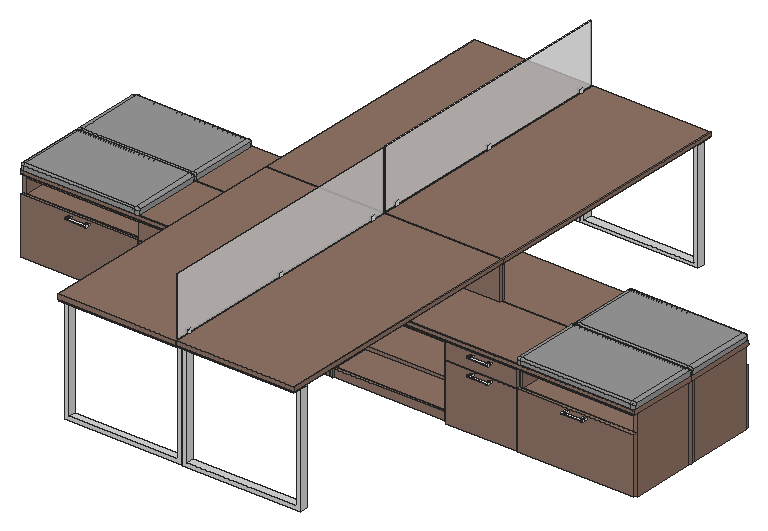
Revit family "JSI-Vision-Typical_Veneer-VST108-", category Furniture, Revit 2020 (continued)
Definition of nested family "JSI-Vision-Metal_Rectangular_Base"
  Forms (in)
    Revolve 3, solid, material <- "Glide Finish"
      sketch origin (0, 0, 0) x (0, 1, 0) y (0, 0, 1)
        axis (-2, 0.75) -> (-2, 0)
      angle from 0 to 360
    Revolve 4, solid, material <- "Glide Finish"
      sketch origin (0, 0, 0) x (0, 1, 0) y (0, 0, 1)
        loop
          line (-27.8125, 0.75) -> (-27.8125, 0) -> (-27.57395, 0)
          arc (-27.57395, 0) -> (-27.531, 0.01649) -> (-27.51011, 0.05748) r 0.06418
          line (-27.51011, 0.05748) -> (-27.48988, 0.25) -> (-27.71452, 0.25) -> (-27.71452, 0.75) -> (-27.8125, 0.75)
        axis (-27.8125, 0.75) -> (-27.8125, 0)
      angle from 0 to 360
  Lines and regions (in)
    symbolic lines
      curve 1: line (-3, 0, 0) -> (-3, -29.8125, 0)
      curve 2: line (-3, -29.8125, 0) -> (1, -29.8125, 0)
      curve 3: line (1, -29.8125, 0) -> (1, 0, 0)
      curve 4: line (1, 0, 0) -> (-3, 0, 0)
      curve 5: line (-1, 0, 0) -> (-1, -29.8125, 0)
  Dimensions and locks (in)
    equal spacing: plane 7, plane 3 "Center Left/Right", plane 9, locked at 1 each
    "Width": plane 1 "Center Front/Back" to plane 8
    "Height": plane 5 to plane 4
    locked: plane 10 to plane 5 at 0.25
    locked: Sweep 1 sketch curve to plane 4 at 0.25
    locked: plane 8 to Sweep 1 sketch curve at 1
    locked: plane 1 "Center Front/Back" to plane 11 at 2
    locked: plane 12 to plane 8 at 2
    Revolve 3 sketch curve to Revolve 3 sketch curve to Revolve 3 sketch curve to plane 4 = 1/2" locked, 0.18582" locked, 0.06418" locked
    plane 11 to Revolve 3 sketch curve to Revolve 3 sketch curve to Revolve 3 sketch curve = 0.09798" locked, 0.14057" locked, 0.08407" locked
    Revolve 4 sketch curve to Revolve 4 sketch curve to Revolve 4 sketch curve = 1/2" locked, 0.18582" locked
    Revolve 4 sketch curve to Revolve 4 sketch curve to Revolve 4 sketch curve to Revolve 4 sketch curve = 0.09798" locked, 0.14057" locked, 0.08407" locked
    "Depth": plane 7 to plane 9
    locked: plane 6 to plane 7 at 2
    aligned and locked: level to plane 2
    aligned and locked: plane 10 to Sweep 1 sketch curve  (x2)
    aligned and locked: plane 9 to Sweep 1 sketch curve
    aligned and locked: plane 8 to Sweep 1 sketch curve
    aligned and locked: Extrusion 2 sketch curve to plane 1 "Center Front/Back"
    aligned and locked: Extrusion 2 sketch curve to plane 8
    aligned and locked: Extrusion 2 sketch curve to plane 9
    aligned and locked: Revolve 3 sketch curve to plane 11
    aligned and locked: plane 11 to Revolve 3 sketch curve
    aligned and locked: plane 12 to Revolve 4 sketch curve  (x2)
    aligned and locked: plane 3 "Center Left/Right" to Revolve 3
    aligned and locked: plane 3 "Center Left/Right" to Revolve 4
    aligned and locked: Sweep 1 sketch curve to plane 7
    aligned and locked: plane 6 to Extrusion 2
    aligned and locked: Extrusion 2 to plane 9
    aligned and locked: curve 1 to Extrusion 2
    aligned and locked: curve 2 to Extrusion 2
    aligned and locked: curve 3 to Extrusion 2
    aligned and locked: curve 4 to Extrusion 2
    aligned and locked: curve 5 to Sweep 1
  Automatic sketch dimensions
    Sweep 1 sketch curve to plane 8 = 0"
    Sweep 1 sketch curve to plane 1 "Center Front/Back" = 0"
    Extrusion 2 sketch curve to plane 8 = 0"
    Revolve 3 sketch curve to level = 0"
    level to Revolve 3 sketch curve = 0.05748"
    Revolve 3 sketch curve to level = 0.22225"
    Revolve 3 sketch curve to Revolve 3 sketch curve = 0.09538"
    Revolve 4 sketch curve to level = 0"
    level to Revolve 4 sketch curve = 0.05748"
    Revolve 4 sketch curve to Revolve 4 sketch curve = 0.06383"
    Revolve 4 sketch curve to level = 0.22225"
    Revolve 4 sketch curve to Revolve 4 sketch curve = 0.09538"
    plane 7 to Extrusion 2 sketch curve = 2"
Definition of nested family "JSI-Vision-Support_Rail_Work_Surface"
  Parameters (values of type "GP0243SB, Metal Support Rail for Work Surface  2W 43 L 3/4H")
    Width = 43"
    URL = "www.jsifurniture.com"
    Type Comments = ""
    Series = "Vision Casegoods"  # constant formula
    Support Finish = none
    Model = "GP0243SB"
    Material = ""
    Manufacturer = "JSI"  # constant formula
    Keynote = "12500"  # constant formula
    JSI Enviromental Website = "http://www.jsifurniture.com/jsi_sustainability_intro.php"
    Height = 25/32"
    Description = "Metal Support Rail for Work Surface  2W 43 L 3/4H"
    Depth = 2"
    Default Elevation = 0"
    Assembly Code = "E2020200"
  Types (3): name | Width | Model | Description
    GP0243SB, Metal Support Rail for Work Surface  2W 43 L 3/4H | 43" | "GP0243SB" | "Metal Support Rail for Work Surface  2W 43 L 3/4H"
    GP0249SB, Metal Support Rail for Work Surface  2W49 L 3/4H | 49" | "GP0249SB" | "Metal Support Rail for Work Surface  2W49 L 3/4H"
    GP0255SB, Metal Support Rail for Work Surface  2W 55 L 3/4H | 55" | "GP0255SB" | "Metal Support Rail for Work Surface  2W 55 L 3/4H"
  Reference planes (in)
    plane 1 "Center Front/Back": y = 0
    plane 2: z = 0
    plane 3 "Center Left/Right": x = 0
    plane 4: z = 0
    plane 5: z = 27.81222
    plane 6: x = 43
    plane 7: y = -2
  Forms (in)
    Extrusion 1, solid, material <- "Support Finish"
      sketch origin (0, 0, 0) x (0, 1, 0) y (0, 0, 1)
        loop
          line (0, 27.74972) -> (0, 27.81222) -> (-0.53345, 27.81222) -> (-1, 27.11239) -> (-1.46655, 27.81222) -> (-2, 27.81222) -> (-2, 27.74972) -> (-1.5, 27.74972) -> (-1.04048, 27.06043)
          arc (-1.04048, 27.06043) -> (-1, 27.03877) -> (-0.95952, 27.06043) r 0.04865
          line (-0.95952, 27.06043) -> (-0.5, 27.74972) -> (0, 27.74972)
      from 0 to 43
  Lines and regions (in)
    symbolic lines
      curve 1: line (0, 0, 0) -> (43, 0, 0)
      curve 2: line (0, -2, 0) -> (0, 0, 0)
      curve 3: line (43, -2, 0) -> (0, -2, 0)
      curve 4: line (43, 0, 0) -> (43, -2, 0)
      curve 5: line (0, -1.46655, 0) -> (43, -1.46655, 0)
      curve 6: line (43, -0.53345, 0) -> (0, -0.53345, 0)
      curve 7: line (0, -1, 0) -> (43, -1, 0)
  Dimensions and locks (in)
    "Width": plane 3 "Center Left/Right" to plane 6
    "Depth": plane 1 "Center Front/Back" to plane 7
    aligned and locked: level to plane 2
    aligned and locked: plane 4 to plane 2
    aligned and locked: Extrusion 1 to plane 3 "Center Left/Right"
    aligned and locked: plane 6 to Extrusion 1
    aligned and locked: plane 3 "Center Left/Right" to curve 2
    aligned and locked: curve 4 to plane 6
    aligned and locked: plane 1 "Center Front/Back" to curve 1
    aligned and locked: plane 7 to curve 3
    aligned and locked: curve 5 to Extrusion 1
    aligned and locked: curve 6 to Extrusion 1
    aligned and locked: curve 7 to Extrusion 1
  Automatic sketch dimensions
    Extrusion 1 sketch curve to plane 7 = 0"
    Extrusion 1 sketch curve to plane 5 = 0"  (x2)
    Extrusion 1 sketch curve to plane 1 "Center Front/Back" = 0"
    Extrusion 1 sketch curve to plane 5 = 1/16"  (x2)
    Extrusion 1 sketch curve to Extrusion 1 sketch curve = 1/2"
    Extrusion 1 sketch curve to Extrusion 1 sketch curve = 0.03345"  (x2)
    Extrusion 1 sketch curve to Extrusion 1 sketch curve = 0.45952"
    Extrusion 1 sketch curve to Extrusion 1 sketch curve = 0.04048"  (x2)
    Extrusion 1 sketch curve to Extrusion 1 sketch curve = 0"
    Extrusion 1 sketch curve to Extrusion 1 sketch curve = 0.53345"
    Extrusion 1 sketch curve to plane 5 = 0.69983"
    Extrusion 1 sketch curve to Extrusion 1 sketch curve = 0.02498"
    Extrusion 1 sketch curve to Extrusion 1 sketch curve = 0.02698"
